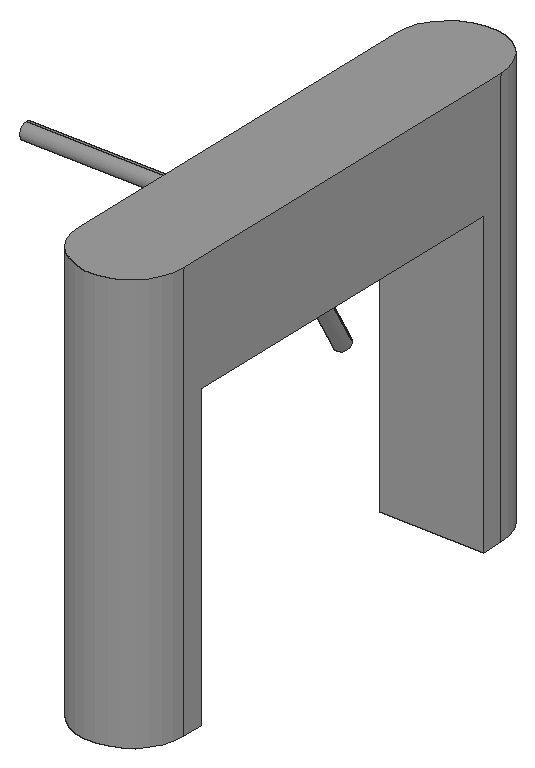
Revit family "record_DurapodDT200ST", category Generic Models, Revit 2020
Family settings
  Can host rebar = No
  Round Connector Dimension = Use Diameter
  Part Type = Normal
  Work Plane-Based = No
  Always vertical = Yes
  Cut with Voids When Loaded = No
  Shared = No
  Room Calculation Point = No
Parameters (values of type "Durapod DT200 ST")
  Width [instance] = 530.0 mm
  Weight = "Depends on configuration and size"
  WarrantyDescription = "Depends on country"
  Uniclass2 = ""
  URL = "http://www.record.group"
  ThresholdRequired = no
  Shape = "Rectangular shaped"
  ServiceLifeDuration = "10-15 years"
  SerialNumber = "n/a"
  SelfClosing = yes
  SafetyDevices = "Force Limitations and Safety Sensors"
  ReplacementCost = "Depends on the configuration and door type"
  ReferenceStandard = "n/a"
  ProductionYear = "n/a"
  PassageWidthOptions = "530"
  OperatingTemperature = "-10º to +70ºC"
  NominalWidth = 758.0 mm
  NominalLength = 1200.0 mm
  NominalHeight = 1006.0 mm
  ModelReference = "Depends on the configuration"
  Model = "Durapod"
  Material = "Aluminum"
  ManufacturerURL = "www.record.group"
  Manufacturer = "Tansa"
  LeafColourOptions = "All RAL, customer specific"
  IssueDate = "n/a"
  IsExternal = yes
  HasDrive = yes
  HandicapAccessible = no
  GlassType = "n/a"
  GlassThickness2 = 0.0 mm
  GlassThickness1 = 0.0 mm
  GlassLayers = 0
  FrameSeal = yes
  FrameProfile = "Aluminium"
  FrameFinishOptions = "Powder coated, Anodized, Clad in stainless steel, etc."
  Frame Material [instance] = record_Metal
  FireExit = yes
  Finish [instance] = "Powder coated, Anodized, stainless steel, customer specific"
  ElectronicLock = yes
  DrumWallOptions = "Metal"
  DoorsetOptions = "no"
  DoorsetOperation = "Automatic"
  DoorsetFasteners = "Screws"
  DoorIncluded = yes
  Description = "Tripod Turnstile"
  Default Elevation = 0.0 mm
  Construction Type = "Tripod turnstile"
  Colour = "Customer specific"
  Clearance Zone Material [instance] = record_Clearance
  Clearance Zone [instance] = no
  Capacity = "n/a"
  Burglar resistance = "No"
  BreakoutFacility = no
  Author = "agtatec"
  AntiFingerTrapRequirement = no
  Anti-tailgating/Anti-piggybacking = "No"
  AccessoryOptions = "Contact manufacturer"
  Access control/Biometrics = "Yes"
Reference planes
  plane 1 "Center (Front/Back)": y = 0
  plane 2: z = 0
  plane 3 "Center (Left/Right)": x = 0
  plane 4: x = -655
Dimensions and locks
  aligned and locked: level to plane 2
Nested families
  nested 1: "record_DurapodDT200_SidePanel" at (0, 0, 0), type "record_DurapodDT200_SidePanel"
  nested 2: "record_DurapodDT200_RevolvingElement" at (-42.512, 0, 806.012) x (0, 1, 0) z (-0.7071, 0, -0.7071), Frame Material <- "Frame Material", type "record_DurapodDT200_RevolvingElement"
  nested 3: "record_DurapodDT200_CZ" at (0, 0, 0), Clearance Zone <- "Clearance Zone", Clearance Zone Material <- "Clearance Zone Material", type "record_DurapodDT200_CZ"
    with Clearance Zone Material record_Clearance, Clearance Zone no
Definition of nested family "record_DurapodDT200_SidePanel"
  Parameters (values of type "record_DT200_SidePanel")
    Frame Material = none
    Default Elevation = 0.0 mm
  Reference planes
    plane 1 "Center (Front/Back)": y = 0
    plane 2: z = 0
    plane 3 "Center (Left/Right)": x = 0
  Forms (mm)
    Extrusion 1, solid, material <- "Frame Material", detail levels fine
      sketch origin (0, 0, 0) x (1, 0, 0) y (0, 1, 0)
        loop
          line (125, -475) -> (125, 475)
          arc (125, 475) -> (0, 600) -> (-125, 475) r 125
          line (-125, 475) -> (-125, -475)
          arc (-125, -475) -> (0, -600) -> (125, -475) r 125
      from 0 to 1006
    Extrusion 2, solid, material <- "Frame Material", detail levels coarse
      sketch origin (-0.1, 0, 0) x (1, 0, 0) y (0, 1, 0)
        loop
          line (125.1, -600) -> (125.1, 600) -> (-124.9, 600) -> (-124.9, -600) -> (125.1, -600)
      from 0 to 1006
    Extrusion 3, void
      sketch origin (0, 0, 0) x (1, 0, 0) y (0, 0, 1)
        loop
          line (-125, 0) -> (125, 0) -> (125, 723.5) -> (40, 723.5) -> (-125, 888.5) -> (-125, 0)
      from -423.5 to 423.5
    Extrusion 4, solid, material <- "Frame Material", detail levels medium
      sketch origin (-0.1, 0, 0) x (1, 0, 0) y (0, 1, 0)
        loop
          line (125.1, -600) -> (125.1, 600) -> (-124.9, 600) -> (-124.9, -600) -> (125.1, -600)
      from 0 to 1006
  Cuts and joins
    Extrusion 3 cuts Extrusion 1
    Extrusion 3 cuts Extrusion 4
  Dimensions and locks
    aligned and locked: level to plane 2
Definition of nested family "record_DurapodDT200_RevolvingElement"
  Parameters (values of type "record_DurapodDT200_RevolvingElement")
    Frame Material [instance] = none
    Default Elevation = 1219.2 mm
  Reference planes
    plane 1 "Center (Front/Back)": y = 0
    plane 2: z = 0
    plane 3 "Center (Left/Right)": x = 0
  Forms (mm)
    Extrusion 1, solid
      sketch origin (0, 0, 0) x (1, 0, 0) y (0, 1, 0)
        loop
          line (-1219.2, 1219.2) -> (-1219.2, -1219.2) -> (1219.2, -1219.2) -> (1219.2, 1219.2) -> (-1219.2, 1219.2)
      from 0 to -304.8
  Dimensions and locks
    aligned and locked: plane 2 to Extrusion 1
    aligned and locked: level to Extrusion 1
  Nested families
    nested 1: "record_DT_RevolvingElement_Free" at (0, 0, 0), type "record_DT_RevolvingElement_Free"
  Definition of nested family "record_DT_RevolvingElement_Free"
    Parameters (values of type "record_DT_RevolvingElement_Free")
      Rods Length = 519.8 mm  # constant formula
      Frame Material = none
      Default Elevation = 0.0 mm
    Reference planes
      plane 1 "Center (Front/Back)": y = 0
      plane 2: z = 0
      plane 3 "Center (Left/Right)": x = 0
      plane 4 "Rods": z = 37
      plane 5 "Rod 2": through (0, 0, 1200) normal (0.5, 0.866, 0)
      plane 6 "Rod 3": through (0, 0, 1200) normal (0.5, -0.866, 0)
      plane 7: through (0, 79.6, 20.378) normal (0, 0.7071, 0.7071)
      plane 8: through (0, 447.154, 387.932) normal (0, 0.7071, 0.7071)
      plane 9: through (0, 431.252, 403.693) normal (0, -0.7071, 0.7071)
      plane 10: through (44.538, -82.063, 20.378) normal (-0.6124, 0.3535, -0.7071)
      plane 11: through (380.233, -275.861, 367.866) normal (-0.6124, 0.3535, -0.7071)
      plane 12: through (349.095, -257.885, 403.709) normal (0.6124, -0.3535, -0.7071)
      plane 13: through (-423.126, -413.002, 545.382) normal (-0.6124, -0.3535, -0.7071)
      plane 14: through (-13.583, -176.572, -0.047) normal (-0.6124, -0.3535, 0.7071)
      plane 15: through (-331.901, -360.337, 367.508) normal (-0.6124, -0.3535, 0.7071)
    Forms (mm)
      Extrusion 1, solid, material <- "Frame Material", detail levels fine
        sketch origin (0, 0, 0) x (1, 0, 0) y (0, 1, 0)
          loop
            circle (0, 0) r 79.6
        from 0 to 20.4
      Sweep 2, solid, material <- "Frame Material", not visible, detail levels medium
        path origin (0, 0, 37) x (0, -1, 0) y (1, 0, 0)
          loop
            line (0, 60.877) -> (0, 685.877)
        profile origin (373.377, 0, 37) x (0, 1, 0) y (0, 0, 1)
          loop
            line (25.5, 1983) -> (-25.5, 1983) -> (-25.5, 1932) -> (25.5, 1932) -> (25.5, 1983)
          loop
            line (25.5, 1822) -> (-25.5, 1822) -> (-25.5, 1771) -> (25.5, 1771) -> (25.5, 1822)
          loop
            line (25.5, 1661) -> (-25.5, 1661) -> (-25.5, 1610) -> (25.5, 1610) -> (25.5, 1661)
          loop
            line (25.5, 1500) -> (-25.5, 1500) -> (-25.5, 1449) -> (25.5, 1449) -> (25.5, 1500)
          loop
            line (25.5, 1339) -> (-25.5, 1339) -> (-25.5, 1288) -> (25.5, 1288) -> (25.5, 1339)
          loop
            line (25.5, 1178) -> (-25.5, 1178) -> (-25.5, 1127) -> (25.5, 1127) -> (25.5, 1178)
          loop
            line (25.5, 1017) -> (-25.5, 1017) -> (-25.5, 966) -> (25.5, 966) -> (25.5, 1017)
          loop
            line (25.5, 856) -> (-25.5, 856) -> (-25.5, 805) -> (25.5, 805) -> (25.5, 856)
          loop
            line (25.5, 695) -> (-25.5, 695) -> (-25.5, 644) -> (25.5, 644) -> (25.5, 695)
          loop
            line (25.5, 534) -> (-25.5, 534) -> (-25.5, 483) -> (25.5, 483) -> (25.5, 534)
          loop
            line (25.5, 373) -> (-25.5, 373) -> (-25.5, 322) -> (25.5, 322) -> (25.5, 373)
          loop
            line (25.5, 212) -> (-25.5, 212) -> (-25.5, 161) -> (25.5, 161) -> (25.5, 212)
          loop
            line (25.5, 51) -> (-25.5, 51) -> (-25.5, 0) -> (25.5, 0) -> (25.5, 51)
      Sweep 3, solid, material <- "Frame Material", not visible, detail levels medium
        path origin (0, 0, 37) x (0, -1, 0) y (1, 0, 0)
          loop
            line (-52.722, -30.439) -> (-593.989, -342.946)
        profile origin (-186.693, 323.356, 37) x (-0.866021, -0.500007, 0) y (0, 0, 1)
          loop
            line (-25.5, 1932) -> (25.5, 1932) -> (25.5, 1983) -> (-25.5, 1983) -> (-25.5, 1932)
          loop
            line (-25.5, 1771) -> (25.5, 1771) -> (25.5, 1822) -> (-25.5, 1822) -> (-25.5, 1771)
          loop
            line (-25.5, 1610) -> (25.5, 1610) -> (25.5, 1661) -> (-25.5, 1661) -> (-25.5, 1610)
          loop
            line (-25.5, 1449) -> (25.5, 1449) -> (25.5, 1500) -> (-25.5, 1500) -> (-25.5, 1449)
          loop
            line (-25.5, 1288) -> (25.5, 1288) -> (25.5, 1339) -> (-25.5, 1339) -> (-25.5, 1288)
          loop
            line (-25.5, 1127) -> (25.5, 1127) -> (25.5, 1178) -> (-25.5, 1178) -> (-25.5, 1127)
          loop
            line (-25.5, 966) -> (25.5, 966) -> (25.5, 1017) -> (-25.5, 1017) -> (-25.5, 966)
          loop
            line (-25.5, 805) -> (25.5, 805) -> (25.5, 856) -> (-25.5, 856) -> (-25.5, 805)
          loop
            line (-25.5, 644) -> (25.5, 644) -> (25.5, 695) -> (-25.5, 695) -> (-25.5, 644)
          loop
            line (-25.5, 483) -> (25.5, 483) -> (25.5, 534) -> (-25.5, 534) -> (-25.5, 483)
          loop
            line (-25.5, 322) -> (25.5, 322) -> (25.5, 373) -> (-25.5, 373) -> (-25.5, 322)
          loop
            line (-25.5, 161) -> (25.5, 161) -> (25.5, 212) -> (-25.5, 212) -> (-25.5, 161)
          loop
            line (-25.5, 0) -> (25.5, 0) -> (25.5, 51) -> (-25.5, 51) -> (-25.5, 0)
      Sweep 4, solid, material <- "Frame Material", not visible, detail levels medium
        path origin (0, 0, 37) x (0, -1, 0) y (1, 0, 0)
          loop
            line (52.717, -30.446) -> (593.999, -342.919)
        profile origin (-186.682, -323.358, 37) x (0.86605, -0.499957, 0) y (0, 0, 1)
          loop
            line (-25.5, 1983) -> (-25.5, 1932) -> (25.5, 1932) -> (25.5, 1983) -> (-25.5, 1983)
          loop
            line (-25.5, 1822) -> (-25.5, 1771) -> (25.5, 1771) -> (25.5, 1822) -> (-25.5, 1822)
          loop
            line (-25.5, 1661) -> (-25.5, 1610) -> (25.5, 1610) -> (25.5, 1661) -> (-25.5, 1661)
          loop
            line (-25.5, 1500) -> (-25.5, 1449) -> (25.5, 1449) -> (25.5, 1500) -> (-25.5, 1500)
          loop
            line (-25.5, 1339) -> (-25.5, 1288) -> (25.5, 1288) -> (25.5, 1339) -> (-25.5, 1339)
          loop
            line (-25.5, 1178) -> (-25.5, 1127) -> (25.5, 1127) -> (25.5, 1178) -> (-25.5, 1178)
          loop
            line (-25.5, 1017) -> (-25.5, 966) -> (25.5, 966) -> (25.5, 1017) -> (-25.5, 1017)
          loop
            line (-25.5, 856) -> (-25.5, 805) -> (25.5, 805) -> (25.5, 856) -> (-25.5, 856)
          loop
            line (-25.5, 695) -> (-25.5, 644) -> (25.5, 644) -> (25.5, 695) -> (-25.5, 695)
          loop
            line (-25.5, 534) -> (-25.5, 483) -> (25.5, 483) -> (25.5, 534) -> (-25.5, 534)
          loop
            line (-25.5, 373) -> (-25.5, 322) -> (25.5, 322) -> (25.5, 373) -> (-25.5, 373)
          loop
            line (-25.5, 212) -> (-25.5, 161) -> (25.5, 161) -> (25.5, 212) -> (-25.5, 212)
          loop
            line (-25.5, 51) -> (-25.5, 0) -> (25.5, 0) -> (25.5, 51) -> (-25.5, 51)
      Sweep 5, solid, material <- "Frame Material", not visible, detail levels fine
        path origin (0, 0, 37) x (0, -1, 0) y (1, 0, 0)
          loop
            line (0, 60.877) -> (0, 685.877)
        profile origin (373.377, 0, 37) x (0, 1, 0) y (0, 0, 1)
          loop
            circle (0, 25.5) r 25.5
          loop
            circle (0, 186.5) r 25.5
          loop
            circle (0, 347.5) r 25.5
          loop
            circle (0, 508.5) r 25.5
          loop
            circle (0, 669.5) r 25.5
          loop
            circle (0, 830.5) r 25.5
          loop
            circle (0, 991.5) r 25.5
          loop
            circle (0, 1152.5) r 25.5
          loop
            circle (0, 1313.5) r 25.5
          loop
            circle (0, 1474.5) r 25.5
          loop
            circle (0, 1635.5) r 25.5
          loop
            circle (0, 1796.5) r 25.5
          loop
            circle (0, 1957.5) r 25.5
      Sweep 6, solid, material <- "Frame Material", not visible, detail levels fine
        path origin (0, 0, 37) x (0, -1, 0) y (1, 0, 0)
          loop
            line (-52.722, -30.439) -> (-593.989, -342.946)
        profile origin (-186.693, 323.356, 37) x (-0.866021, -0.500007, 0) y (0, 0, 1)
          loop
            circle (0, 25.5) r 25.5
          loop
            circle (0, 186.5) r 25.5
          loop
            circle (0, 347.5) r 25.5
          loop
            circle (0, 508.5) r 25.5
          loop
            circle (0, 669.5) r 25.5
          loop
            circle (0, 830.5) r 25.5
          loop
            circle (0, 991.5) r 25.5
          loop
            circle (0, 1152.5) r 25.5
          loop
            circle (0, 1313.5) r 25.5
          loop
            circle (0, 1474.5) r 25.5
          loop
            circle (0, 1635.5) r 25.5
          loop
            circle (0, 1796.5) r 25.5
          loop
            circle (0, 1957.5) r 25.5
      Sweep 7, solid, material <- "Frame Material", not visible, detail levels fine
        path origin (0, 0, 37) x (0, -1, 0) y (1, 0, 0)
          loop
            line (52.717, -30.446) -> (593.999, -342.919)
        profile origin (-186.682, -323.358, 37) x (0.86605, -0.499957, 0) y (0, 0, 1)
          loop
            circle (0, 25.5) r 25.5
          loop
            circle (0, 186.5) r 25.5
          loop
            circle (0, 347.5) r 25.5
          loop
            circle (0, 508.5) r 25.5
          loop
            circle (0, 669.5) r 25.5
          loop
            circle (0, 830.5) r 25.5
          loop
            circle (0, 991.5) r 25.5
          loop
            circle (0, 1152.5) r 25.5
          loop
            circle (0, 1313.5) r 25.5
          loop
            circle (0, 1474.5) r 25.5
          loop
            circle (0, 1635.5) r 25.5
          loop
            circle (0, 1796.5) r 25.5
          loop
            circle (0, 1957.5) r 25.5
      Blend 8, solid, material <- "Frame Material", detail levels fine
        base sketch origin (0, 0, 0) x (1, 0, 0) y (0, 1, 0)
          loop
            circle (0, 0) r 79.601
        top sketch origin (0, 0, 0) x (1, 0, 0) y (0, 1, 0)
          loop
            circle (0, 0) r 31.441
        from 20.4 to 68.5
      Extrusion 9, solid, material <- "Frame Material", detail levels fine
        sketch origin (0, 0, 0) x (1, 0, 0) y (0, 1, 0)
          loop
            circle (0, 0) r 31.441
        from 71.601 to 68.5
      Sweep 10, solid, material <- "Frame Material", detail levels fine
        path origin (0, 0, 0) x (-0.866044, 0.499969, 0) y (0, 0, 1)
          loop
            line (-431.322, 403.765) -> (-60.232, 32.675)
        profile origin (212.854, -122.881, 218.22) x (-0.612385, 0.353531, 0.707107) y (0.499969, 0.866044, 0)
          loop
            circle (0, 0) r 19
      Sweep 11, solid, material <- "Frame Material", detail levels fine
        path origin (0, 0, 0) x (0, 1, 0) y (0, 0, -1)
          loop
            line (60.233, -32.674) -> (431.323, -403.764)
        profile origin (0, 245.778, 218.219) x (0, -0.707107, 0.707107) y (1, 0, 0)
          loop
            circle (0, 0) r 19
      Sweep 12, solid, material <- "Frame Material", detail levels fine
        path origin (0, 0, 0) x (0.866044, 0.499969, 0) y (0, 0, 1)
          loop
            line (-60.238, 32.688) -> (-431.328, 403.777)
        profile origin (-212.859, -122.884, 218.232) x (0.612385, 0.353531, 0.707107) y (-0.499969, 0.866044, 0)
          loop
            circle (0, 0) r 19
      Extrusion 13, solid, material <- "Frame Material", detail levels medium
        sketch origin (0, 0, 0) x (1, 0, 0) y (0, 1, 0)
          loop
            line (79.6, 79.6) -> (-79.6, 79.6) -> (-79.6, -79.6) -> (79.6, -79.6) -> (79.6, 79.6)
        from 0 to 20.4
      Sweep 14, solid, material <- "Frame Material", detail levels medium
        path origin (0, 0, 0) x (-0.866044, 0.499969, 0) y (0, 0, 1)
          loop
            line (-431.322, 403.765) -> (-27.557, 0)
        profile origin (198.705, -114.713, 201.882) x (-0.612385, 0.353531, 0.707107) y (0.499969, 0.866044, 0)
          loop
            line (-19, 19) -> (-19, -19) -> (19, -19) -> (19, 19) -> (-19, 19)
      Sweep 15, solid, material <- "Frame Material", detail levels medium
        path origin (0, 0, 0) x (0, 1, 0) y (0, 0, -1)
          loop
            line (27.559, 0) -> (431.323, -403.764)
        profile origin (0, 229.441, 201.882) x (0, -0.707107, 0.707107) y (1, 0, 0)
          loop
            line (-19, 19) -> (-19, -19) -> (19, -19) -> (19, 19) -> (-19, 19)
      Sweep 16, solid, material <- "Frame Material", detail levels medium
        path origin (0, 0, 0) x (0.866044, 0.499969, 0) y (0, 0, 1)
          loop
            line (-27.551, 0) -> (-431.328, 403.777)
        profile origin (-198.705, -114.713, 201.889) x (0.612385, 0.353531, 0.707107) y (-0.499969, 0.866044, 0)
          loop
            line (-19, -19) -> (19, -19) -> (19, 19) -> (-19, 19) -> (-19, -19)
      Extrusion 17, void
        sketch origin (0, 0, 0) x (1, 0, 0) y (0, 1, 0)
          loop
            line (79.6, 79.6) -> (-79.6, 79.6) -> (-79.6, -79.6) -> (79.6, -79.6) -> (79.6, 79.6)
        from -15 to 20.4
    Cuts and joins
      joined: Extrusion 1, Blend 8, Sweep 10, Sweep 11, Sweep 12
      Extrusion 17 cuts Sweep 15
      joined: Extrusion 13, Sweep 15
      Extrusion 17 cuts Sweep 16
      Extrusion 17 cuts Sweep 14
    Dimensions and locks
      "Rods Length": plane 7 to plane 8
      "Rods Length": plane 11 to plane 10
      Sweep 11 sketch curve to plane 7 = 5.0 mm
      plane 10 to Sweep 10 sketch curve = 5.0 mm
      plane 14 to Sweep 12 sketch curve = 5.0 mm
      "Rods Length": plane 15 to plane 14
      aligned and locked: level to plane 2
      aligned and locked: plane 9 to Sweep 11 sketch curve
      aligned and locked: plane 8 to Sweep 11 sketch curve
      aligned and locked: plane 12 to Sweep 10 sketch curve
      aligned and locked: plane 11 to Sweep 10 sketch curve
      aligned and locked: Sweep 12 sketch curve to plane 13
      aligned and locked: plane 15 to Sweep 12 sketch curve
      aligned and locked: plane 9 to Sweep 15 sketch curve
      aligned and locked: plane 8 to Sweep 15 sketch curve
      aligned and locked: Sweep 14 sketch curve to plane 12
      aligned and locked: plane 11 to Sweep 14 sketch curve
      aligned and locked: Sweep 16 sketch curve to plane 13
      aligned and locked: plane 15 to Sweep 16 sketch curve
    Automatic sketch dimensions
      Sweep 2 sketch curve to Sweep 2 sketch curve = 625.0 mm
      Sweep 2 sketch curve to Sweep 2 sketch curve = 0.0 mm  (x12)
      Sweep 2 sketch curve to Sweep 2 sketch curve = 51.0 mm  (x26)
      Sweep 2 sketch curve to Sweep 2 sketch curve = 110.0 mm  (x12)
      Sweep 3 sketch curve to Sweep 3 sketch curve = 541.267 mm
      Sweep 3 sketch curve to Sweep 3 sketch curve = 312.507 mm
      Sweep 3 sketch curve to Sweep 3 sketch curve = 0.0 mm  (x12)
      Sweep 3 sketch curve to Sweep 3 sketch curve = 51.0 mm  (x26)
      Sweep 3 sketch curve to Sweep 3 sketch curve = 110.0 mm  (x12)
      Sweep 4 sketch curve to Sweep 4 sketch curve = 541.283 mm
      Sweep 4 sketch curve to Sweep 4 sketch curve = 312.474 mm
      Sweep 4 sketch curve to Sweep 4 sketch curve = 0.0 mm  (x12)
      Sweep 4 sketch curve to Sweep 4 sketch curve = 51.0 mm  (x26)
      Sweep 4 sketch curve to Sweep 4 sketch curve = 110.0 mm  (x12)
      Sweep 5 sketch curve to Sweep 5 sketch curve = 625.0 mm
      Sweep 5 sketch curve to Sweep 5 sketch curve = 0.0 mm  (x12)
      Sweep 5 sketch curve to Sweep 5 sketch curve = 161.0 mm  (x12)
      Sweep 6 sketch curve to Sweep 6 sketch curve = 541.267 mm
      Sweep 6 sketch curve to Sweep 6 sketch curve = 312.507 mm
      Sweep 6 sketch curve to Sweep 6 sketch curve = 0.0 mm  (x12)
      Sweep 6 sketch curve to Sweep 6 sketch curve = 161.0 mm  (x12)
      Sweep 7 sketch curve to Sweep 7 sketch curve = 541.283 mm
      Sweep 7 sketch curve to Sweep 7 sketch curve = 312.474 mm
      Sweep 7 sketch curve to Sweep 7 sketch curve = 0.0 mm  (x12)
      Sweep 7 sketch curve to Sweep 7 sketch curve = 161.0 mm  (x12)
      plane 1 "Center (Front/Back)" to Extrusion 1 sketch curve = 0.0 mm
      plane 3 "Center (Left/Right)" to Extrusion 1 sketch curve = 0.0 mm
      plane 1 "Center (Front/Back)" to Blend 8 sketch curve = 0.0 mm  (x2)
      Blend 8 sketch curve to plane 3 "Center (Left/Right)" = 0.0 mm  (x2)
      plane 1 "Center (Front/Back)" to Extrusion 9 sketch curve = 0.0 mm
      plane 3 "Center (Left/Right)" to Extrusion 9 sketch curve = 0.0 mm
      plane 5 "Rod 2" to Sweep 10 sketch curve = 0.0 mm
      Sweep 10 sketch curve to profile plane = 0.0 mm
      Sweep 11 sketch curve to plane 3 "Center (Left/Right)" = 0.0 mm
      Sweep 11 sketch curve to profile plane = 0.0 mm
      Sweep 12 sketch curve to plane 6 "Rod 3" = 0.0 mm
      profile plane to Sweep 12 sketch curve = 0.0 mm
      Extrusion 13 sketch curve to plane 3 "Center (Left/Right)" = 79.6 mm
      plane 3 "Center (Left/Right)" to Extrusion 13 sketch curve = 79.6 mm
      plane 1 "Center (Front/Back)" to Extrusion 13 sketch curve = 79.6 mm
      Extrusion 13 sketch curve to plane 1 "Center (Front/Back)" = 79.6 mm
      Sweep 15 sketch curve to level = 0.0 mm
      plane 3 "Center (Left/Right)" to Sweep 15 sketch curve = 19.0 mm
      profile plane to Sweep 15 sketch curve = 19.0 mm
      Sweep 15 sketch curve to profile plane = 19.0 mm
      Sweep 15 sketch curve to plane 3 "Center (Left/Right)" = 19.0 mm
      Sweep 14 sketch curve to plane 5 "Rod 2" = 19.0 mm
      profile plane to Sweep 14 sketch curve = 19.0 mm
      Sweep 14 sketch curve to profile plane = 19.0 mm
      plane 5 "Rod 2" to Sweep 14 sketch curve = 19.0 mm
      Sweep 16 sketch curve to plane 6 "Rod 3" = 19.0 mm
      plane 6 "Rod 3" to Sweep 16 sketch curve = 19.0 mm
      profile plane to Sweep 16 sketch curve = 19.0 mm
      Sweep 16 sketch curve to profile plane = 19.0 mm
      level to Sweep 14 sketch curve = 0.0 mm
      Sweep 16 sketch curve to level = 0.0 mm
      Extrusion 17 sketch curve to plane 3 "Center (Left/Right)" = 79.6 mm
      plane 3 "Center (Left/Right)" to Extrusion 17 sketch curve = 79.6 mm
      plane 1 "Center (Front/Back)" to Extrusion 17 sketch curve = 79.6 mm
      Extrusion 17 sketch curve to plane 1 "Center (Front/Back)" = 79.6 mm
      radius of Sweep 5 sketch curve = 25.5 mm  (x13)
      radius of Sweep 6 sketch curve = 25.5 mm  (x13)
      radius of Sweep 7 sketch curve = 25.5 mm  (x13)
      radius of Extrusion 1 sketch curve = 79.6 mm
      radius of Blend 8 sketch curve = 79.601 mm
      radius of Blend 8 sketch curve = 31.441 mm
      radius of Extrusion 9 sketch curve = 31.441 mm
      radius of Sweep 10 sketch curve = 19.0 mm
      radius of Sweep 11 sketch curve = 19.0 mm
      radius of Sweep 12 sketch curve = 19.0 mm
Definition of nested family "record_DurapodDT200_CZ"
  Parameters (values of type "record_DurapodDT200_CZ")
    Default Elevation = 0.0 mm
    Clearance Zone Material [instance] = none
    Clearance Zone [instance] = yes
  Reference planes
    plane 1 "Center (Front/Back)": y = 0
    plane 2: z = 0
    plane 3 "Center (Left/Right)": x = 0
  Forms (mm)
    Extrusion 1, solid, material <- "Clearance Zone Material", visible <- "Clearance Zone"
      sketch origin (0, 0, 0) x (1, 0, 0) y (0, 1, 0)
        loop
          line (130, 605) -> (-130, 605) -> (-130, 450) -> (-638, 450) -> (-638, -450) -> (-130, -450) -> (-130, -605) -> (130, -605) -> (130, 605)
      from 0 to 1008
    Extrusion 2, void
      sketch origin (0, 0, 0) x (1, 0, 0) y (0, 0, 1)
        loop
          line (-697.81, 849.401) -> (-130, 849.401) -> (-130, 1039.401) -> (-697.81, 1039.401) -> (-697.81, 849.401)
      from -450 to 450
  Cuts and joins
    Extrusion 2 cuts Extrusion 1
  Dimensions and locks
    aligned and locked: level to plane 2
